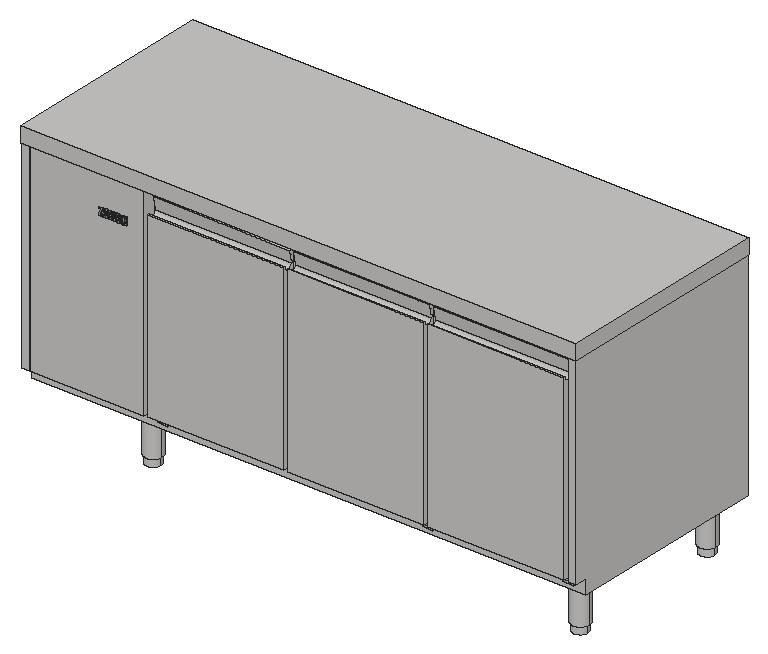
Revit family "QF_ZANUSSI_111071_ZH3KBAAA", category Specialty Equipment, Revit 2018 (continued)
Definition of nested family "ZAN_Cooling Unit"
  Lines and regions (mm)
    Split face 131
      outline origin (110.032, 2, -125.094) x (0, 0, 1) y (-1, 0, 0)
        loop
          arc (510.649, 158.547) -> (506.648, 162.548) -> (502.647, 158.547) r 4.001
          line (502.647, 158.547) -> (502.647, 116.535)
          arc (502.647, 116.535) -> (506.648, 112.533) -> (510.649, 116.535) r 4.001
          line (510.649, 116.535) -> (510.649, 158.547)
    Split face 132
      outline origin (110.032, 2, -137.098) x (0, 0, 1) y (-1, 0, 0)
        loop
          arc (510.649, 158.547) -> (506.648, 162.548) -> (502.647, 158.547) r 4.001
          line (502.647, 158.547) -> (502.647, 116.535)
          arc (502.647, 116.535) -> (506.648, 112.533) -> (510.649, 116.535) r 4.001
          line (510.649, 116.535) -> (510.649, 158.547)
    Split face 133
      outline origin (110.032, 2, -149.101) x (0, 0, 1) y (-1, 0, 0)
        loop
          arc (510.649, 158.547) -> (506.648, 162.548) -> (502.647, 158.547) r 4.001
          line (502.647, 158.547) -> (502.647, 116.535)
          arc (502.647, 116.535) -> (506.648, 112.533) -> (510.649, 116.535) r 4.001
          line (510.649, 116.535) -> (510.649, 158.547)
    Split face 134
      outline origin (110.032, 2, -161.105) x (0, 0, 1) y (-1, 0, 0)
        loop
          arc (510.649, 158.547) -> (506.648, 162.548) -> (502.647, 158.547) r 4.001
          line (502.647, 158.547) -> (502.647, 116.535)
          arc (502.647, 116.535) -> (506.648, 112.533) -> (510.649, 116.535) r 4.001
          line (510.649, 116.535) -> (510.649, 158.547)
    Split face 135
      outline origin (110.032, 2, -173.108) x (0, 0, 1) y (-1, 0, 0)
        loop
          arc (510.649, 158.547) -> (506.648, 162.548) -> (502.647, 158.547) r 4.001
          line (502.647, 158.547) -> (502.647, 116.535)
          arc (502.647, 116.535) -> (506.648, 112.533) -> (510.649, 116.535) r 4.001
          line (510.649, 116.535) -> (510.649, 158.547)
    Split face 136
      outline origin (110.032, 2, -185.112) x (0, 0, 1) y (-1, 0, 0)
        loop
          arc (510.649, 158.547) -> (506.648, 162.548) -> (502.647, 158.547) r 4.001
          line (502.647, 158.547) -> (502.647, 116.535)
          arc (502.647, 116.535) -> (506.648, 112.533) -> (510.649, 116.535) r 4.001
          line (510.649, 116.535) -> (510.649, 158.547)
    Split face 137
      outline origin (110.032, 2, -197.115) x (0, 0, 1) y (-1, 0, 0)
        loop
          arc (510.649, 158.547) -> (506.648, 162.548) -> (502.647, 158.547) r 4.001
          line (502.647, 158.547) -> (502.647, 116.535)
          arc (502.647, 116.535) -> (506.648, 112.533) -> (510.649, 116.535) r 4.001
          line (510.649, 116.535) -> (510.649, 158.547)
    Split face 138
      outline origin (110.032, 2, -209.119) x (0, 0, 1) y (-1, 0, 0)
        loop
          arc (510.649, 158.547) -> (506.648, 162.548) -> (502.647, 158.547) r 4.001
          line (502.647, 158.547) -> (502.647, 116.535)
          arc (502.647, 116.535) -> (506.648, 112.533) -> (510.649, 116.535) r 4.001
          line (510.649, 116.535) -> (510.649, 158.547)
    Split face 139
      outline origin (110.032, 2, -221.122) x (0, 0, 1) y (-1, 0, 0)
        loop
          arc (510.649, 158.547) -> (506.648, 162.548) -> (502.647, 158.547) r 4.001
          line (502.647, 158.547) -> (502.647, 116.535)
          arc (502.647, 116.535) -> (506.648, 112.533) -> (510.649, 116.535) r 4.001
          line (510.649, 116.535) -> (510.649, 158.547)
    Split face 140
      outline origin (110.032, 2, -233.126) x (0, 0, 1) y (-1, 0, 0)
        loop
          arc (510.649, 158.547) -> (506.648, 162.548) -> (502.647, 158.547) r 4.001
          line (502.647, 158.547) -> (502.647, 116.535)
          arc (502.647, 116.535) -> (506.648, 112.533) -> (510.649, 116.535) r 4.001
          line (510.649, 116.535) -> (510.649, 158.547)
    Split face 141
      outline origin (110.032, 2, -245.129) x (0, 0, 1) y (-1, 0, 0)
        loop
          arc (510.649, 158.547) -> (506.648, 162.548) -> (502.647, 158.547) r 4.001
          line (502.647, 158.547) -> (502.647, 116.535)
          arc (502.647, 116.535) -> (506.648, 112.533) -> (510.649, 116.535) r 4.001
          line (510.649, 116.535) -> (510.649, 158.547)
    Split face 142
      outline origin (110.032, 2, -257.133) x (0, 0, 1) y (-1, 0, 0)
        loop
          arc (510.649, 158.547) -> (506.648, 162.548) -> (502.647, 158.547) r 4.001
          line (502.647, 158.547) -> (502.647, 116.535)
          arc (502.647, 116.535) -> (506.648, 112.533) -> (510.649, 116.535) r 4.001
          line (510.649, 116.535) -> (510.649, 158.547)
    Split face 143
      outline origin (110.032, 2, -269.136) x (0, 0, 1) y (-1, 0, 0)
        loop
          arc (510.649, 158.547) -> (506.648, 162.548) -> (502.647, 158.547) r 4.001
          line (502.647, 158.547) -> (502.647, 116.535)
          arc (502.647, 116.535) -> (506.648, 112.533) -> (510.649, 116.535) r 4.001
          line (510.649, 116.535) -> (510.649, 158.547)
    Split face 144
      outline origin (110.032, 2, -281.14) x (0, 0, 1) y (-1, 0, 0)
        loop
          arc (510.649, 158.547) -> (506.648, 162.548) -> (502.647, 158.547) r 4.001
          line (502.647, 158.547) -> (502.647, 116.535)
          arc (502.647, 116.535) -> (506.648, 112.533) -> (510.649, 116.535) r 4.001
          line (510.649, 116.535) -> (510.649, 158.547)
    Split face 145
      outline origin (110.032, 2, -293.144) x (0, 0, 1) y (-1, 0, 0)
        loop
          arc (510.649, 158.547) -> (506.648, 162.548) -> (502.647, 158.547) r 4.001
          line (502.647, 158.547) -> (502.647, 116.535)
          arc (502.647, 116.535) -> (506.648, 112.533) -> (510.649, 116.535) r 4.001
          line (510.649, 116.535) -> (510.649, 158.547)
    Split face 146
      outline origin (165.048, 2, -113.091) x (0, 0, 1) y (-1, 0, 0)
        loop
          arc (510.649, 158.547) -> (506.648, 162.548) -> (502.647, 158.547) r 4.001
          line (502.647, 158.547) -> (502.647, 116.535)
          arc (502.647, 116.535) -> (506.648, 112.533) -> (510.649, 116.535) r 4.001
          line (510.649, 116.535) -> (510.649, 158.547)
    Split face 147
      outline origin (165.048, 2, -125.094) x (0, 0, 1) y (-1, 0, 0)
        loop
          arc (510.649, 158.547) -> (506.648, 162.548) -> (502.647, 158.547) r 4.001
          line (502.647, 158.547) -> (502.647, 116.535)
          arc (502.647, 116.535) -> (506.648, 112.533) -> (510.649, 116.535) r 4.001
          line (510.649, 116.535) -> (510.649, 158.547)
    Split face 148
      outline origin (165.048, 2, -137.098) x (0, 0, 1) y (-1, 0, 0)
        loop
          arc (510.649, 158.547) -> (506.648, 162.548) -> (502.647, 158.547) r 4.001
          line (502.647, 158.547) -> (502.647, 116.535)
          arc (502.647, 116.535) -> (506.648, 112.533) -> (510.649, 116.535) r 4.001
          line (510.649, 116.535) -> (510.649, 158.547)
    Split face 149
      outline origin (165.048, 2, -149.101) x (0, 0, 1) y (-1, 0, 0)
        loop
          arc (510.649, 158.547) -> (506.648, 162.548) -> (502.647, 158.547) r 4.001
          line (502.647, 158.547) -> (502.647, 116.535)
          arc (502.647, 116.535) -> (506.648, 112.533) -> (510.649, 116.535) r 4.001
          line (510.649, 116.535) -> (510.649, 158.547)
    Split face 150
      outline origin (165.048, 2, -161.105) x (0, 0, 1) y (-1, 0, 0)
        loop
          arc (510.649, 158.547) -> (506.648, 162.548) -> (502.647, 158.547) r 4.001
          line (502.647, 158.547) -> (502.647, 116.535)
          arc (502.647, 116.535) -> (506.648, 112.533) -> (510.649, 116.535) r 4.001
          line (510.649, 116.535) -> (510.649, 158.547)
    Split face 151
      outline origin (165.048, 2, -173.108) x (0, 0, 1) y (-1, 0, 0)
        loop
          arc (510.649, 158.547) -> (506.648, 162.548) -> (502.647, 158.547) r 4.001
          line (502.647, 158.547) -> (502.647, 116.535)
          arc (502.647, 116.535) -> (506.648, 112.533) -> (510.649, 116.535) r 4.001
          line (510.649, 116.535) -> (510.649, 158.547)
    Split face 152
      outline origin (165.048, 2, -185.112) x (0, 0, 1) y (-1, 0, 0)
        loop
          arc (510.649, 158.547) -> (506.648, 162.548) -> (502.647, 158.547) r 4.001
          line (502.647, 158.547) -> (502.647, 116.535)
          arc (502.647, 116.535) -> (506.648, 112.533) -> (510.649, 116.535) r 4.001
          line (510.649, 116.535) -> (510.649, 158.547)
    Split face 153
      outline origin (165.048, 2, -197.115) x (0, 0, 1) y (-1, 0, 0)
        loop
          arc (510.649, 158.547) -> (506.648, 162.548) -> (502.647, 158.547) r 4.001
          line (502.647, 158.547) -> (502.647, 116.535)
          arc (502.647, 116.535) -> (506.648, 112.533) -> (510.649, 116.535) r 4.001
          line (510.649, 116.535) -> (510.649, 158.547)
    Split face 154
      outline origin (165.048, 2, -209.119) x (0, 0, 1) y (-1, 0, 0)
        loop
          arc (510.649, 158.547) -> (506.648, 162.548) -> (502.647, 158.547) r 4.001
          line (502.647, 158.547) -> (502.647, 116.535)
          arc (502.647, 116.535) -> (506.648, 112.533) -> (510.649, 116.535) r 4.001
          line (510.649, 116.535) -> (510.649, 158.547)
    Split face 155
      outline origin (165.048, 2, -221.122) x (0, 0, 1) y (-1, 0, 0)
        loop
          arc (510.649, 158.547) -> (506.648, 162.548) -> (502.647, 158.547) r 4.001
          line (502.647, 158.547) -> (502.647, 116.535)
          arc (502.647, 116.535) -> (506.648, 112.533) -> (510.649, 116.535) r 4.001
          line (510.649, 116.535) -> (510.649, 158.547)
    Split face 156
      outline origin (165.048, 2, -233.126) x (0, 0, 1) y (-1, 0, 0)
        loop
          arc (510.649, 158.547) -> (506.648, 162.548) -> (502.647, 158.547) r 4.001
          line (502.647, 158.547) -> (502.647, 116.535)
          arc (502.647, 116.535) -> (506.648, 112.533) -> (510.649, 116.535) r 4.001
          line (510.649, 116.535) -> (510.649, 158.547)
    Split face 157
      outline origin (165.048, 2, -245.129) x (0, 0, 1) y (-1, 0, 0)
        loop
          arc (510.649, 158.547) -> (506.648, 162.548) -> (502.647, 158.547) r 4.001
          line (502.647, 158.547) -> (502.647, 116.535)
          arc (502.647, 116.535) -> (506.648, 112.533) -> (510.649, 116.535) r 4.001
          line (510.649, 116.535) -> (510.649, 158.547)
    Split face 158
      outline origin (165.048, 2, -257.133) x (0, 0, 1) y (-1, 0, 0)
        loop
          arc (510.649, 158.547) -> (506.648, 162.548) -> (502.647, 158.547) r 4.001
          line (502.647, 158.547) -> (502.647, 116.535)
          arc (502.647, 116.535) -> (506.648, 112.533) -> (510.649, 116.535) r 4.001
          line (510.649, 116.535) -> (510.649, 158.547)
    Split face 159
      outline origin (165.048, 2, -269.136) x (0, 0, 1) y (-1, 0, 0)
        loop
          arc (510.649, 158.547) -> (506.648, 162.548) -> (502.647, 158.547) r 4.001
          line (502.647, 158.547) -> (502.647, 116.535)
          arc (502.647, 116.535) -> (506.648, 112.533) -> (510.649, 116.535) r 4.001
          line (510.649, 116.535) -> (510.649, 158.547)
    Split face 160
      outline origin (165.048, 2, -281.14) x (0, 0, 1) y (-1, 0, 0)
        loop
          arc (510.649, 158.547) -> (506.648, 162.548) -> (502.647, 158.547) r 4.001
          line (502.647, 158.547) -> (502.647, 116.535)
          arc (502.647, 116.535) -> (506.648, 112.533) -> (510.649, 116.535) r 4.001
          line (510.649, 116.535) -> (510.649, 158.547)
    Split face 161
      outline origin (165.048, 2, -293.144) x (0, 0, 1) y (-1, 0, 0)
        loop
          arc (510.649, 158.547) -> (506.648, 162.548) -> (502.647, 158.547) r 4.001
          line (502.647, 158.547) -> (502.647, 116.535)
          arc (502.647, 116.535) -> (506.648, 112.533) -> (510.649, 116.535) r 4.001
          line (510.649, 116.535) -> (510.649, 158.547)
    Split face 162
      outline origin (220.064, 2, -113.091) x (0, 0, 1) y (-1, 0, 0)
        loop
          arc (510.649, 158.547) -> (506.648, 162.548) -> (502.647, 158.547) r 4.001
          line (502.647, 158.547) -> (502.647, 116.535)
          arc (502.647, 116.535) -> (506.648, 112.533) -> (510.649, 116.535) r 4.001
          line (510.649, 116.535) -> (510.649, 158.547)
    Split face 163
      outline origin (220.064, 2, -125.094) x (0, 0, 1) y (-1, 0, 0)
        loop
          arc (510.649, 158.547) -> (506.648, 162.548) -> (502.647, 158.547) r 4.001
          line (502.647, 158.547) -> (502.647, 116.535)
          arc (502.647, 116.535) -> (506.648, 112.533) -> (510.649, 116.535) r 4.001
          line (510.649, 116.535) -> (510.649, 158.547)
    Split face 164
      outline origin (220.064, 2, -137.098) x (0, 0, 1) y (-1, 0, 0)
        loop
          arc (510.649, 158.547) -> (506.648, 162.548) -> (502.647, 158.547) r 4.001
          line (502.647, 158.547) -> (502.647, 116.535)
          arc (502.647, 116.535) -> (506.648, 112.533) -> (510.649, 116.535) r 4.001
          line (510.649, 116.535) -> (510.649, 158.547)
    Split face 165
      outline origin (220.064, 2, -149.101) x (0, 0, 1) y (-1, 0, 0)
        loop
          arc (510.649, 158.547) -> (506.648, 162.548) -> (502.647, 158.547) r 4.001
          line (502.647, 158.547) -> (502.647, 116.535)
          arc (502.647, 116.535) -> (506.648, 112.533) -> (510.649, 116.535) r 4.001
          line (510.649, 116.535) -> (510.649, 158.547)
    Split face 166
      outline origin (220.064, 2, -161.105) x (0, 0, 1) y (-1, 0, 0)
        loop
          arc (510.649, 158.547) -> (506.648, 162.548) -> (502.647, 158.547) r 4.001
          line (502.647, 158.547) -> (502.647, 116.535)
          arc (502.647, 116.535) -> (506.648, 112.533) -> (510.649, 116.535) r 4.001
          line (510.649, 116.535) -> (510.649, 158.547)
    Split face 167
      outline origin (220.064, 2, -173.108) x (0, 0, 1) y (-1, 0, 0)
        loop
          arc (510.649, 158.547) -> (506.648, 162.548) -> (502.647, 158.547) r 4.001
          line (502.647, 158.547) -> (502.647, 116.535)
          arc (502.647, 116.535) -> (506.648, 112.533) -> (510.649, 116.535) r 4.001
          line (510.649, 116.535) -> (510.649, 158.547)
    Split face 168
      outline origin (220.064, 2, -185.112) x (0, 0, 1) y (-1, 0, 0)
        loop
          arc (510.649, 158.547) -> (506.648, 162.548) -> (502.647, 158.547) r 4.001
          line (502.647, 158.547) -> (502.647, 116.535)
          arc (502.647, 116.535) -> (506.648, 112.533) -> (510.649, 116.535) r 4.001
          line (510.649, 116.535) -> (510.649, 158.547)
    Split face 169
      outline origin (220.064, 2, -197.115) x (0, 0, 1) y (-1, 0, 0)
        loop
          arc (510.649, 158.547) -> (506.648, 162.548) -> (502.647, 158.547) r 4.001
          line (502.647, 158.547) -> (502.647, 116.535)
          arc (502.647, 116.535) -> (506.648, 112.533) -> (510.649, 116.535) r 4.001
          line (510.649, 116.535) -> (510.649, 158.547)
    Split face 170
      outline origin (220.064, 2, -209.119) x (0, 0, 1) y (-1, 0, 0)
        loop
          arc (510.649, 158.547) -> (506.648, 162.548) -> (502.647, 158.547) r 4.001
          line (502.647, 158.547) -> (502.647, 116.535)
          arc (502.647, 116.535) -> (506.648, 112.533) -> (510.649, 116.535) r 4.001
          line (510.649, 116.535) -> (510.649, 158.547)
    Split face 171
      outline origin (220.064, 2, -221.122) x (0, 0, 1) y (-1, 0, 0)
        loop
          arc (510.649, 158.547) -> (506.648, 162.548) -> (502.647, 158.547) r 4.001
          line (502.647, 158.547) -> (502.647, 116.535)
          arc (502.647, 116.535) -> (506.648, 112.533) -> (510.649, 116.535) r 4.001
          line (510.649, 116.535) -> (510.649, 158.547)
    Split face 172
      outline origin (220.064, 2, -233.126) x (0, 0, 1) y (-1, 0, 0)
        loop
          arc (510.649, 158.547) -> (506.648, 162.548) -> (502.647, 158.547) r 4.001
          line (502.647, 158.547) -> (502.647, 116.535)
          arc (502.647, 116.535) -> (506.648, 112.533) -> (510.649, 116.535) r 4.001
          line (510.649, 116.535) -> (510.649, 158.547)
    Split face 173
      outline origin (220.064, 2, -245.129) x (0, 0, 1) y (-1, 0, 0)
        loop
          arc (510.649, 158.547) -> (506.648, 162.548) -> (502.647, 158.547) r 4.001
          line (502.647, 158.547) -> (502.647, 116.535)
          arc (502.647, 116.535) -> (506.648, 112.533) -> (510.649, 116.535) r 4.001
          line (510.649, 116.535) -> (510.649, 158.547)
    Split face 174
      outline origin (220.064, 2, -257.133) x (0, 0, 1) y (-1, 0, 0)
        loop
          arc (510.649, 158.547) -> (506.648, 162.548) -> (502.647, 158.547) r 4.001
          line (502.647, 158.547) -> (502.647, 116.535)
          arc (502.647, 116.535) -> (506.648, 112.533) -> (510.649, 116.535) r 4.001
          line (510.649, 116.535) -> (510.649, 158.547)
    Split face 175
      outline origin (220.064, 2, -269.136) x (0, 0, 1) y (-1, 0, 0)
        loop
          arc (510.649, 158.547) -> (506.648, 162.548) -> (502.647, 158.547) r 4.001
          line (502.647, 158.547) -> (502.647, 116.535)
          arc (502.647, 116.535) -> (506.648, 112.533) -> (510.649, 116.535) r 4.001
          line (510.649, 116.535) -> (510.649, 158.547)
    Split face 176
      outline origin (220.064, 2, -281.14) x (0, 0, 1) y (-1, 0, 0)
        loop
          arc (510.649, 158.547) -> (506.648, 162.548) -> (502.647, 158.547) r 4.001
          line (502.647, 158.547) -> (502.647, 116.535)
          arc (502.647, 116.535) -> (506.648, 112.533) -> (510.649, 116.535) r 4.001
          line (510.649, 116.535) -> (510.649, 158.547)
    Split face 177
      outline origin (220.064, 2, -293.144) x (0, 0, 1) y (-1, 0, 0)
        loop
          arc (510.649, 158.547) -> (506.648, 162.548) -> (502.647, 158.547) r 4.001
          line (502.647, 158.547) -> (502.647, 116.535)
          arc (502.647, 116.535) -> (506.648, 112.533) -> (510.649, 116.535) r 4.001
          line (510.649, 116.535) -> (510.649, 158.547)
    Split face 178
      outline origin (275.081, 2, -113.091) x (0, 0, 1) y (-1, 0, 0)
        loop
          arc (510.649, 158.547) -> (506.648, 162.548) -> (502.647, 158.547) r 4.001
          line (502.647, 158.547) -> (502.647, 116.535)
          arc (502.647, 116.535) -> (506.648, 112.533) -> (510.649, 116.535) r 4.001
          line (510.649, 116.535) -> (510.649, 158.547)
    Split face 179
      outline origin (275.081, 2, -125.094) x (0, 0, 1) y (-1, 0, 0)
        loop
          arc (510.649, 158.547) -> (506.648, 162.548) -> (502.647, 158.547) r 4.001
          line (502.647, 158.547) -> (502.647, 116.535)
          arc (502.647, 116.535) -> (506.648, 112.533) -> (510.649, 116.535) r 4.001
          line (510.649, 116.535) -> (510.649, 158.547)
    Split face 180
      outline origin (275.081, 2, -137.098) x (0, 0, 1) y (-1, 0, 0)
        loop
          arc (510.649, 158.547) -> (506.648, 162.548) -> (502.647, 158.547) r 4.001
          line (502.647, 158.547) -> (502.647, 116.535)
          arc (502.647, 116.535) -> (506.648, 112.533) -> (510.649, 116.535) r 4.001
          line (510.649, 116.535) -> (510.649, 158.547)
    Split face 181
      outline origin (275.081, 2, -149.101) x (0, 0, 1) y (-1, 0, 0)
        loop
          arc (510.649, 158.547) -> (506.648, 162.548) -> (502.647, 158.547) r 4.001
          line (502.647, 158.547) -> (502.647, 116.535)
          arc (502.647, 116.535) -> (506.648, 112.533) -> (510.649, 116.535) r 4.001
          line (510.649, 116.535) -> (510.649, 158.547)
    Split face 182
      outline origin (275.081, 2, -161.105) x (0, 0, 1) y (-1, 0, 0)
        loop
          arc (510.649, 158.547) -> (506.648, 162.548) -> (502.647, 158.547) r 4.001
          line (502.647, 158.547) -> (502.647, 116.535)
          arc (502.647, 116.535) -> (506.648, 112.533) -> (510.649, 116.535) r 4.001
          line (510.649, 116.535) -> (510.649, 158.547)
    Split face 183
      outline origin (275.081, 2, -173.108) x (0, 0, 1) y (-1, 0, 0)
        loop
          arc (510.649, 158.547) -> (506.648, 162.548) -> (502.647, 158.547) r 4.001
          line (502.647, 158.547) -> (502.647, 116.535)
          arc (502.647, 116.535) -> (506.648, 112.533) -> (510.649, 116.535) r 4.001
          line (510.649, 116.535) -> (510.649, 158.547)
    Split face 184
      outline origin (275.081, 2, -185.112) x (0, 0, 1) y (-1, 0, 0)
        loop
          arc (510.649, 158.547) -> (506.648, 162.548) -> (502.647, 158.547) r 4.001
          line (502.647, 158.547) -> (502.647, 116.535)
          arc (502.647, 116.535) -> (506.648, 112.533) -> (510.649, 116.535) r 4.001
          line (510.649, 116.535) -> (510.649, 158.547)
    Split face 185
      outline origin (275.081, 2, -197.115) x (0, 0, 1) y (-1, 0, 0)
        loop
          arc (510.649, 158.547) -> (506.648, 162.548) -> (502.647, 158.547) r 4.001
          line (502.647, 158.547) -> (502.647, 116.535)
          arc (502.647, 116.535) -> (506.648, 112.533) -> (510.649, 116.535) r 4.001
          line (510.649, 116.535) -> (510.649, 158.547)
    Split face 186
      outline origin (275.081, 2, -209.119) x (0, 0, 1) y (-1, 0, 0)
        loop
          arc (510.649, 158.547) -> (506.648, 162.548) -> (502.647, 158.547) r 4.001
          line (502.647, 158.547) -> (502.647, 116.535)
          arc (502.647, 116.535) -> (506.648, 112.533) -> (510.649, 116.535) r 4.001
          line (510.649, 116.535) -> (510.649, 158.547)
    Split face 187
      outline origin (275.081, 2, -221.122) x (0, 0, 1) y (-1, 0, 0)
        loop
          arc (510.649, 158.547) -> (506.648, 162.548) -> (502.647, 158.547) r 4.001
          line (502.647, 158.547) -> (502.647, 116.535)
          arc (502.647, 116.535) -> (506.648, 112.533) -> (510.649, 116.535) r 4.001
          line (510.649, 116.535) -> (510.649, 158.547)
    Split face 188
      outline origin (275.081, 2, -233.126) x (0, 0, 1) y (-1, 0, 0)
        loop
          arc (510.649, 158.547) -> (506.648, 162.548) -> (502.647, 158.547) r 4.001
          line (502.647, 158.547) -> (502.647, 116.535)
          arc (502.647, 116.535) -> (506.648, 112.533) -> (510.649, 116.535) r 4.001
          line (510.649, 116.535) -> (510.649, 158.547)
    Split face 189
      outline origin (275.081, 2, -245.129) x (0, 0, 1) y (-1, 0, 0)
        loop
          arc (510.649, 158.547) -> (506.648, 162.548) -> (502.647, 158.547) r 4.001
          line (502.647, 158.547) -> (502.647, 116.535)
          arc (502.647, 116.535) -> (506.648, 112.533) -> (510.649, 116.535) r 4.001
          line (510.649, 116.535) -> (510.649, 158.547)
    Split face 190
      outline origin (275.081, 2, -257.133) x (0, 0, 1) y (-1, 0, 0)
        loop
          arc (510.649, 158.547) -> (506.648, 162.548) -> (502.647, 158.547) r 4.001
          line (502.647, 158.547) -> (502.647, 116.535)
          arc (502.647, 116.535) -> (506.648, 112.533) -> (510.649, 116.535) r 4.001
          line (510.649, 116.535) -> (510.649, 158.547)
    Split face 191
      outline origin (275.081, 2, -269.136) x (0, 0, 1) y (-1, 0, 0)
        loop
          arc (510.649, 158.547) -> (506.648, 162.548) -> (502.647, 158.547) r 4.001
          line (502.647, 158.547) -> (502.647, 116.535)
          arc (502.647, 116.535) -> (506.648, 112.533) -> (510.649, 116.535) r 4.001
          line (510.649, 116.535) -> (510.649, 158.547)
    Split face 192
      outline origin (275.081, 2, -281.14) x (0, 0, 1) y (-1, 0, 0)
        loop
          arc (510.649, 158.547) -> (506.648, 162.548) -> (502.647, 158.547) r 4.001
          line (502.647, 158.547) -> (502.647, 116.535)
          arc (502.647, 116.535) -> (506.648, 112.533) -> (510.649, 116.535) r 4.001
          line (510.649, 116.535) -> (510.649, 158.547)
    Split face 193
      outline origin (275.081, 2, -293.144) x (0, 0, 1) y (-1, 0, 0)
        loop
          arc (510.649, 158.547) -> (506.648, 162.548) -> (502.647, 158.547) r 4.001
          line (502.647, 158.547) -> (502.647, 116.535)
          arc (502.647, 116.535) -> (506.648, 112.533) -> (510.649, 116.535) r 4.001
          line (510.649, 116.535) -> (510.649, 158.547)
    Split face 194
      outline origin (0, 2, 197) x (0, 0, 1) y (-1, 0, 0)
        loop
          spline (566.835, 20.381) -> (564.628, 19.058) -> (561.987, 18.027) -> (558.955, 17.386) -> (555.581, 17.244) -> (551.912, 17.703) -> (547.993, 18.863) -> (543.871, 20.83) -> (539.591, 23.706) -> (535.202, 27.594) -> (530.748, 32.597) -> (526.28, 38.824) -> (521.835, 46.362)
        loop
          spline (521.835, 58.392) -> (525.386, 49.242) -> (529.197, 41.481) -> (533.2, 35.023) -> (537.329, 29.786) -> (541.516, 25.684) -> (545.695, 22.634) -> (549.798, 20.552) -> (553.759, 19.355) -> (557.511, 18.958) -> (560.984, 19.275) -> (564.115, 20.227) -> (566.835, 21.726)
    Split face 195
      outline origin (0, 2, 197) x (0, 0, 1) y (-1, 0, 0)
        loop
          line (555.835, 149.5) -> (532.835, 149.5) -> (532.835, 94.5) -> (555.835, 94.5) -> (555.835, 149.5)
  Dimensions and locks
    aligned and locked: level to plane 2
  Nested families
    nested 1: "ZAN_Logo_S_Grey" at (85, 2, 741.213) x (1, 0, 0) z (0, -1, 0), visible <- "Show Logo", type "ZAN_Logo_S_Grey"
  Definition of nested family "ZAN_Logo_S_Grey"
    Parameters
      Default Elevation = 0 mm
    Reference planes
      plane 1 "Centro (Fronte/Retro)": y = 0
      plane 2: z = 0
      plane 3 "Centro (Sinistra/Destra)": x = 0
    Forms (mm)
      Extrusion 1, solid
        sketch origin (0, 0, 0) x (1, 0, 0) y (0, 1, 0)
          loop
            line (-1219.2, 1219.2) -> (-1219.2, -1219.2) -> (1219.2, -1219.2) -> (1219.2, 1219.2) -> (-1219.2, 1219.2)
        from 0 to -304.8
      Extrusion 2, solid
        sketch origin (17.793, -46.218, 0) x (-1, 0, 0) y (0, -1, 0)
          loop
            spline (-4.176, -58.079) -> (-3.496, -58.328) -> (-2.793, -58.512) -> (-2.075, -58.63) -> (-1.348, -58.682) -> (-0.619, -58.669) -> (0.106, -58.588) -> (0.818, -58.44) -> (1.512, -58.225) -> (2.18, -57.941) -> (2.817, -57.589) -> (3.414, -57.167) -> (3.966, -56.676)
            spline (3.966, -56.676) -> (4.293, -56.162) -> (4.575, -55.61) -> (4.81, -55.026) -> (5, -54.419) -> (5.146, -53.797) -> (5.247, -53.166) -> (5.304, -52.536) -> (5.318, -51.913) -> (5.288, -51.306) -> (5.217, -50.723) -> (5.103, -50.17) -> (4.949, -49.657)
            line (4.949, -49.657) -> (2.702, -46.428) -> (0.316, -44.323)
            spline (0.316, -44.323) -> (0.065, -44.115) -> (-0.195, -43.909) -> (-0.46, -43.704) -> (-0.729, -43.496) -> (-0.997, -43.282) -> (-1.263, -43.059) -> (-1.523, -42.825) -> (-1.774, -42.576) -> (-2.013, -42.309) -> (-2.238, -42.022) -> (-2.445, -41.712) -> (-2.632, -41.375)
            spline (-2.632, -41.375) -> (-2.666, -41.159) -> (-2.697, -40.934) -> (-2.722, -40.701) -> (-2.736, -40.465) -> (-2.736, -40.227) -> (-2.72, -39.989) -> (-2.682, -39.754) -> (-2.621, -39.524) -> (-2.533, -39.302) -> (-2.414, -39.091) -> (-2.261, -38.892) -> (-2.07, -38.708)
            line (-2.07, -38.708) -> (-0.245, -38.567)
            spline (-0.245, -38.567) -> (0.096, -38.8) -> (0.354, -39.074) -> (0.54, -39.381) -> (0.664, -39.716) -> (0.738, -40.073) -> (0.772, -40.445) -> (0.777, -40.825) -> (0.763, -41.208) -> (0.742, -41.588) -> (0.723, -41.957) -> (0.718, -42.309) -> (0.737, -42.638)
            line (0.737, -42.638) -> (5.65, -42.638)
            spline (5.65, -42.638) -> (5.708, -42.042) -> (5.741, -41.448) -> (5.747, -40.857) -> (5.723, -40.273) -> (5.668, -39.696) -> (5.58, -39.129) -> (5.457, -38.574) -> (5.297, -38.032) -> (5.098, -37.506) -> (4.857, -36.997) -> (4.574, -36.508) -> (4.247, -36.041)
            spline (4.247, -36.041) -> (3.844, -35.675) -> (3.409, -35.35) -> (2.946, -35.065) -> (2.458, -34.819) -> (1.949, -34.612) -> (1.421, -34.444) -> (0.88, -34.314) -> (0.326, -34.221) -> (-0.234, -34.165) -> (-0.8, -34.146) -> (-1.366, -34.163) -> (-1.93, -34.216)
            spline (-1.93, -34.216) -> (-2.526, -34.309) -> (-3.116, -34.448) -> (-3.695, -34.633) -> (-4.259, -34.861) -> (-4.801, -35.131) -> (-5.316, -35.444) -> (-5.799, -35.798) -> (-6.245, -36.191) -> (-6.648, -36.624) -> (-7.002, -37.095) -> (-7.303, -37.603) -> (-7.545, -38.146)
            spline (-7.545, -38.146) -> (-7.694, -38.815) -> (-7.792, -39.487) -> (-7.839, -40.158) -> (-7.836, -40.824) -> (-7.785, -41.482) -> (-7.685, -42.129) -> (-7.539, -42.762) -> (-7.347, -43.377) -> (-7.111, -43.97) -> (-6.83, -44.538) -> (-6.506, -45.078) -> (-6.141, -45.586)
            line (-6.141, -45.586) -> (-0.526, -50.64) -> (0.176, -51.482)
            spline (0.176, -51.482) -> (0.248, -51.66) -> (0.323, -51.843) -> (0.397, -52.03) -> (0.467, -52.22) -> (0.529, -52.412) -> (0.579, -52.605) -> (0.615, -52.798) -> (0.633, -52.989) -> (0.63, -53.179) -> (0.601, -53.366) -> (0.545, -53.55) -> (0.456, -53.728)
            spline (0.456, -53.728) -> (0.375, -53.892) -> (0.273, -54.034) -> (0.154, -54.155) -> (0.02, -54.258) -> (-0.126, -54.343) -> (-0.28, -54.412) -> (-0.441, -54.466) -> (-0.604, -54.508) -> (-0.767, -54.537) -> (-0.928, -54.556) -> (-1.082, -54.567) -> (-1.228, -54.57)
            line (-1.228, -54.57) -> (-2.632, -53.587) -> (-2.772, -50.64) -> (-7.405, -50.64)
            spline (-7.405, -50.64) -> (-7.41, -51.031) -> (-7.423, -51.432) -> (-7.44, -51.839) -> (-7.456, -52.251) -> (-7.469, -52.665) -> (-7.475, -53.079) -> (-7.468, -53.489) -> (-7.446, -53.894) -> (-7.404, -54.291) -> (-7.339, -54.679) -> (-7.247, -55.053) -> (-7.123, -55.412)
            spline (-7.123, -55.412) -> (-6.999, -55.693) -> (-6.837, -55.97) -> (-6.643, -56.244) -> (-6.422, -56.509) -> (-6.177, -56.765) -> (-5.913, -57.009) -> (-5.634, -57.238) -> (-5.346, -57.45) -> (-5.051, -57.643) -> (-4.755, -57.814) -> (-4.462, -57.96) -> (-4.176, -58.079)
          loop
            spline (-21.021, -55.552) -> (-20.633, -56.181) -> (-20.177, -56.736) -> (-19.661, -57.217) -> (-19.092, -57.627) -> (-18.478, -57.966) -> (-17.827, -58.237) -> (-17.147, -58.441) -> (-16.446, -58.578) -> (-15.73, -58.652) -> (-15.009, -58.662) -> (-14.29, -58.611) -> (-13.581, -58.5)
            spline (-13.581, -58.5) -> (-13.088, -58.407) -> (-12.595, -58.269) -> (-12.109, -58.088) -> (-11.636, -57.866) -> (-11.183, -57.605) -> (-10.756, -57.307) -> (-10.361, -56.974) -> (-10.004, -56.608) -> (-9.692, -56.211) -> (-9.431, -55.784) -> (-9.228, -55.33) -> (-9.089, -54.851)
            spline (-9.089, -54.851) -> (-8.873, -54.211) -> (-8.715, -53.559) -> (-8.615, -52.901) -> (-8.574, -52.241) -> (-8.592, -51.585) -> (-8.668, -50.938) -> (-8.802, -50.306) -> (-8.995, -49.693) -> (-9.247, -49.106) -> (-9.557, -48.55) -> (-9.925, -48.03) -> (-10.352, -47.551)
            line (-10.352, -47.551) -> (-15.546, -42.919) -> (-16.669, -41.234)
            spline (-16.669, -41.234) -> (-16.704, -41.021) -> (-16.735, -40.804) -> (-16.761, -40.583) -> (-16.778, -40.361) -> (-16.784, -40.139) -> (-16.774, -39.919) -> (-16.748, -39.701) -> (-16.7, -39.488) -> (-16.63, -39.28) -> (-16.533, -39.08) -> (-16.406, -38.889) -> (-16.248, -38.708)
            line (-16.248, -38.708) -> (-14.844, -38.427)
            spline (-14.844, -38.427) -> (-14.347, -38.545) -> (-13.969, -38.749) -> (-13.695, -39.028) -> (-13.508, -39.368) -> (-13.393, -39.757) -> (-13.335, -40.182) -> (-13.318, -40.63) -> (-13.326, -41.089) -> (-13.344, -41.546) -> (-13.356, -41.988) -> (-13.347, -42.403) -> (-13.3, -42.779)
            line (-13.3, -42.779) -> (-8.387, -42.638)
            spline (-8.387, -42.638) -> (-8.326, -42.034) -> (-8.288, -41.417) -> (-8.277, -40.794) -> (-8.299, -40.169) -> (-8.357, -39.548) -> (-8.457, -38.936) -> (-8.604, -38.339) -> (-8.803, -37.762) -> (-9.058, -37.21) -> (-9.375, -36.689) -> (-9.758, -36.204) -> (-10.212, -35.76)
            spline (-10.212, -35.76) -> (-10.793, -35.336) -> (-11.409, -34.976) -> (-12.054, -34.679) -> (-12.723, -34.445) -> (-13.409, -34.273) -> (-14.107, -34.163) -> (-14.811, -34.115) -> (-15.515, -34.127) -> (-16.213, -34.2) -> (-16.899, -34.333) -> (-17.568, -34.526) -> (-18.213, -34.777)
            spline (-18.213, -34.777) -> (-18.496, -34.897) -> (-18.783, -35.044) -> (-19.071, -35.216) -> (-19.357, -35.412) -> (-19.639, -35.629) -> (-19.915, -35.865) -> (-20.182, -36.119) -> (-20.438, -36.389) -> (-20.681, -36.672) -> (-20.907, -36.967) -> (-21.115, -37.272) -> (-21.301, -37.585)
            spline (-21.301, -37.585) -> (-21.55, -38.26) -> (-21.734, -38.948) -> (-21.854, -39.647) -> (-21.91, -40.351) -> (-21.901, -41.057) -> (-21.828, -41.761) -> (-21.69, -42.459) -> (-21.489, -43.148) -> (-21.222, -43.823) -> (-20.892, -44.48) -> (-20.497, -45.116) -> (-20.038, -45.726)
            line (-20.038, -45.726) -> (-14.142, -51.061) -> (-13.44, -52.886) -> (-14.002, -54.289) -> (-15.265, -54.57) -> (-16.669, -53.587) -> (-16.81, -50.78) -> (-21.582, -50.64)
            spline (-21.582, -50.64) -> (-21.558, -51.063) -> (-21.55, -51.491) -> (-21.554, -51.92) -> (-21.561, -52.35) -> (-21.567, -52.778) -> (-21.565, -53.201) -> (-21.547, -53.619) -> (-21.509, -54.029) -> (-21.444, -54.43) -> (-21.345, -54.818) -> (-21.206, -55.193) -> (-21.021, -55.552)
          loop
            line (-22.424, -34.216) -> (-27.337, -34.216) -> (-27.337, -58.22) -> (-22.424, -58.22) -> (-22.424, -34.216)
          loop
            line (14.213, -39.971) -> (14.213, -58.22) -> (19.126, -58.22) -> (19.126, -42.077) -> (18.845, -38.146) -> (18.424, -37.164) -> (17.442, -35.9) -> (16.459, -35.199) -> (14.494, -34.356) -> (13.511, -34.216) -> (11.265, -34.216) -> (10.142, -34.497) -> (8.458, -35.479) -> (6.493, -38.287) -> (6.352, -39.269) -> (6.352, -58.22) -> (11.265, -58.22) -> (11.265, -40.392) -> (11.827, -39.129) -> (13.371, -38.988) -> (14.213, -39.971)
          loop
            line (20.249, -58.22) -> (24.741, -58.22) -> (24.741, -42.919) -> (28.812, -58.22) -> (34.006, -58.22) -> (34.006, -34.216) -> (29.654, -34.216) -> (29.654, -50.078) -> (25.583, -34.216) -> (20.249, -34.216) -> (20.249, -58.22)
          loop
            line (50.149, -58.22) -> (62.361, -58.22) -> (62.361, -53.728) -> (55.904, -53.868) -> (62.923, -39.129) -> (62.923, -34.216) -> (50.149, -34.216) -> (50.149, -39.129) -> (57.517, -39.129) -> (50.149, -54.149) -> (50.149, -58.22)
          loop
            line (38.778, -58.22) -> (45.516, -58.22) -> (49.868, -34.216) -> (44.814, -34.216) -> (44.113, -38.848) -> (40.042, -38.848) -> (39.34, -34.216) -> (34.286, -34.216) -> (38.778, -58.22)
          loop
            line (43.551, -43.2) -> (40.744, -43.2) -> (42.147, -54.117) -> (43.551, -43.2)
        from 0 to 1.644
    Dimensions and locks
      aligned and locked: plane 2 to Extrusion 1
      aligned and locked: level to Extrusion 1
Definition of nested family "Freezer"
  Reference planes
    plane 1 "Center (Front/Back)": y = 0
    plane 2: z = 0
    plane 3 "Center (Left/Right)": x = 0
  Lines and regions (mm)
    detail lines, in view "Ref. Level"
      curve 1: spline (-500, 190, 0) -> (-493.185, 166.706, 0) -> (-473.205, 145, 0) -> (-441.421, 126.36, 0) -> (-400, 112.058, 0) -> (-351.764, 103.067, 0) -> (-300, 100, 0) -> (-248.236, 103.067, 0) -> (-200, 112.058, 0) -> (-158.579, 126.36, 0) -> (-126.795, 145, 0) -> (-106.815, 166.706, 0) -> (-100, 190, 0) -> (-106.815, 213.294, 0) -> (-126.795, 235, 0) -> (-158.579, 253.64, 0) -> (-200, 267.942, 0) -> (-248.236, 276.933, 0) -> (-300, 280, 0) -> (-351.764, 276.933, 0) -> (-400, 267.942, 0) -> (-441.421, 253.64, 0) -> (-473.205, 235, 0) -> (-493.185, 213.294, 0) -> (-500, 190, 0)
      curve 2: line (-220, 130, 0) -> (-220, 250, 0)
      curve 3: line (-271.962, 220, 0) -> (-168.038, 160, 0)
      curve 4: line (-271.962, 160, 0) -> (-168.038, 220, 0)
      curve 5: line (-200.884, 246.873, 0) -> (-220, 225, 0)
      curve 6: line (-220, 225, 0) -> (-239.116, 246.873, 0)
      curve 7: line (-250.311, 207.5, 0) -> (-260, 235.883, 0)
      curve 8: line (-279.736, 201.7, 0) -> (-250.311, 207.5, 0)
      curve 9: line (-250.311, 172.5, 0) -> (-279.736, 178.3, 0)
      curve 10: line (-260, 144.117, 0) -> (-250.311, 172.5, 0)
      curve 11: line (-220, 155, 0) -> (-239.116, 133.127, 0)
      curve 12: line (-200.884, 133.127, 0) -> (-220, 155, 0)
      curve 13: line (-189.689, 172.5, 0) -> (-180.304, 145.008, 0)
      curve 14: line (-161.188, 178.118, 0) -> (-189.689, 172.5, 0)
      curve 15: line (-189.689, 207.5, 0) -> (-161.188, 201.882, 0)
      curve 16: line (-180.304, 234.992, 0) -> (-189.689, 207.5, 0)
      curve 17: line (-380, 130, 0) -> (-380, 250, 0)
      curve 18: line (-431.962, 220, 0) -> (-328.038, 160, 0)
      curve 19: line (-431.962, 160, 0) -> (-328.038, 220, 0)
      curve 20: line (-360.884, 246.873, 0) -> (-380, 225, 0)
      curve 21: line (-380, 225, 0) -> (-399.116, 246.873, 0)
      curve 22: line (-410.311, 207.5, 0) -> (-419.696, 234.992, 0)
      curve 23: line (-438.812, 201.882, 0) -> (-410.311, 207.5, 0)
      curve 24: line (-410.311, 172.5, 0) -> (-438.812, 178.118, 0)
      curve 25: line (-419.696, 145.008, 0) -> (-410.311, 172.5, 0)
      curve 26: line (-380, 155, 0) -> (-399.116, 133.127, 0)
      curve 27: line (-360.884, 133.127, 0) -> (-380, 155, 0)
      curve 28: line (-349.689, 172.5, 0) -> (-340, 144.117, 0)
      curve 29: line (-320.264, 178.3, 0) -> (-349.689, 172.5, 0)
      curve 30: line (-349.689, 207.5, 0) -> (-320.264, 201.7, 0)
      curve 31: line (-340, 235.883, 0) -> (-349.689, 207.5, 0)
